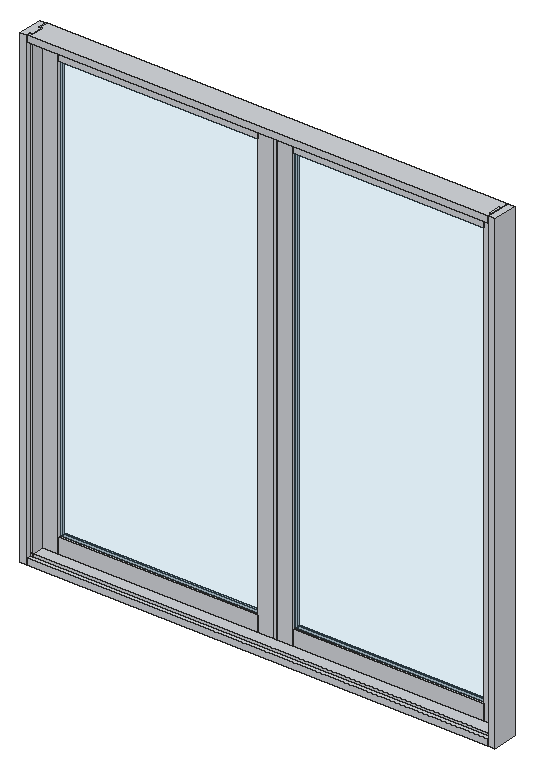
Revit family "Air-Flo® Plus 125mm Framing_SG&DG-Double Hinged Door", category Doors, host Wall, Revit 2021
Family settings
  Host = Wall
  OmniClass Number = 23.30.20.00
  OmniClass Title = Windows
  Always vertical = Yes
  Cut with Voids When Loaded = No
  Shared = No
  Room Calculation Point = No
Parameters (values of type "7L/7R")
  YEAR = "2022"  # constant formula
  Width = 0.0000 mm  # constant formula
  URL = "https://www.alspec.com.au/air-flo-plus-125mm-framing"
  Thickness = 0.0000 mm  # constant formula
  Single Glazed Thickness (6-13.5mm) [instance] = 5.0000 mm
  Single Glazed [instance] = not(Double Glazed)  # no
  Sill Offset 2 [instance] = 15.9930 mm  # constant formula
  Sill Offset [instance] = 6.0000 mm  # constant formula
  Sash Material [instance] = none
  Rough Width = 0.0000 mm  # constant formula
  Rough Height = 0.0000 mm  # constant formula
  Overall Width [instance] = 2400.0000 mm
  Offset [instance] = 999.0000 mm
  Midrail height [instance] = 810.0000 mm
  Midrail [instance] = no
  Meeting 1 = 45.0000 mm  # constant formula
  Overall Height [instance] = 2400.0000 mm
  Model = "Air-Flo® Plus 125mm Framing_SG&DG-Double Hinged Door"  # constant formula
  Manufacturer = "ALSPEC"
  Height = 0.0000 mm  # constant formula
  Head Offset 2 [instance] = 84.8025 mm  # constant formula
  Head Offset [instance] = 75.0000 mm  # constant formula
  Glazed Material [instance] = Glass
  Frame Material [instance] = none
  External Frame Thk = 35.0000 mm  # constant formula
  Double Glazed Thickness [instance] = 18.0000 mm
  Double Glazed [instance] = yes
  Define Thermal Properties by = Schematic Type
  Default Sill Height = 0.0000 mm  # constant formula
  Wall Closure = By host
  CREATOR = "Viraj Mhatre"  # constant formula
  COMPANY = "ALSPEC"  # constant formula
  Analytic Construction = "<None>"
  Air Pocket (Double Glazing Only) [instance] = 8.0000 mm  # constant formula
Reference planes
  plane 1 "Center (Front/Back)": y = 0
  plane 2 "Center (Left/Right)": x = 0
  plane 3 "Left": x = -1165
  plane 4 "Right": x = 1165
  plane 5 "Sill": z = 0
  plane 6 "Head": z = 2400
  plane 7 "Exterior": y = 102.6
  plane 8 "Interior": y = -97.4
  plane 9: z = 35.999
  plane 10: y = 14
  plane 11 "FRAME CENTRE": y = 42
  plane 12: y = -916.4
  plane 13: x = -1165
  plane 14: x = 1165
  plane 15: x = 1165
  plane 16: x = 20.5
  plane 17: x = -1200
  plane 18: x = 1200
  plane 19: z = 2364.001
  plane 20: z = 2355.034
  plane 21: z = 44.966
  plane 22: z = 516.113
  plane 23: x = -2
  plane 24: x = 43
  plane 25: z = 810
  plane 26: x = -583.5
  plane 27: x = 604
  plane 28: y = -851.4
  plane 29: z = 1210
  plane 30: y = -1037.4
  plane 31: x = -1175
  plane 32: x = 1175
  plane 33: y = -896.4
  plane 34: z = 1204.483
Forms (mm)
  Extrusion 1, solid, material <- "Frame Material"
    sketch origin (0, 0, 0) x (1, 0, 0) y (0, 1, 0)
      loop
        line (-1200, -1021.4) -> (-1168, -1021.4) -> (-1168, -999.414) -> (-1155.034, -999.414) -> (-1155.034, -940.414) -> (-1168, -940.414) -> (-1168, -896.4) -> (-1200, -896.4) -> (-1200, -1021.4)
      loop
        line (1200, -1021.4) -> (1200, -896.4) -> (1168, -896.4) -> (1168, -940.414) -> (1155.034, -940.414) -> (1155.034, -999.414) -> (1168, -999.414) -> (1168, -1021.4) -> (1200, -1021.4)
    from 0 to 2400
  Extrusion 2, solid, material <- "Frame Material"
    sketch origin (-1165, 0, 0) x (0, -1, 0) y (0, 0, 1)
      loop
        line (896.4, 0) -> (1021.4, 0) -> (1021.4, 32) -> (999.414, 32) -> (999.414, 44.966) -> (940.414, 44.966) -> (940.414, 32) -> (896.4, 32) -> (896.4, 0)
      loop
        line (896.4, 2400) -> (896.4, 2368) -> (940.414, 2368) -> (940.414, 2355.034) -> (999.414, 2355.034) -> (999.414, 2368) -> (1021.4, 2368) -> (1021.4, 2400) -> (896.4, 2400)
    from -2330.001 to 0
Lines and regions (mm)
  Opening 1
    outline origin (3600, -97.4, 75) x (1, 0, 0) y (0, 0, 1)
      loop
        line (-2400, -75) -> (-2400, 2325) -> (-4800, 2325) -> (-4800, -75) -> (-2400, -75)
  Masking region 1
    outline origin (0, 0, 0) x (1, 0, 0) y (0, 1, 0)
      loop
        line (-1200, -1021.4) -> (-1168, -1021.4) -> (-1168, -999.414) -> (-1155.034, -999.414) -> (-1155.034, -940.414) -> (-1168, -940.414) -> (-1168, -896.4) -> (-1200, -896.4) -> (-1200, -1021.4)
      loop
        line (1200, -1021.4) -> (1200, -896.4) -> (1168, -896.4) -> (1168, -940.414) -> (1155.034, -940.414) -> (1155.034, -999.414) -> (1168, -999.414) -> (1168, -1021.4) -> (1200, -1021.4)
  Masking region 2
    outline origin (-1165, 0, 0) x (0, -1, 0) y (0, 0, 1)
      loop
        line (1021.4, 0) -> (1021.4, 32) -> (999.414, 32) -> (999.414, 44.966) -> (940.414, 44.966) -> (940.414, 32) -> (896.4, 32) -> (896.4, 0) -> (1021.4, 0)
      loop
        line (896.4, 2400) -> (896.4, 2368) -> (940.414, 2368) -> (940.414, 2355.034) -> (999.414, 2355.034) -> (999.414, 2368) -> (1021.4, 2368) -> (1021.4, 2400) -> (896.4, 2400)
  symbolic lines, style "DoorsHiddenLines"
    curve 1: line (-1165, -896.4, 0) -> (20.5, -896.4, 0)
    curve 2: arc (20.5, -896.4, 0) -> (-326.725, -58.125, 0) -> (-1165, 289.1, 0) r 1185.5
    curve 3: line (-1165, 289.1, 0) -> (-1165, -896.4, 0)
    curve 4: line (1165.001, -896.4, 0) -> (20.5, -896.4, 0)
    curve 5: line (-1165, -97.4, 2364.001) -> (-2, -97.4, 1204.483)
    curve 6: line (-1165, -97.4, 44.966) -> (-2, -97.4, 1204.483)
    curve 7: line (43, -97.4, 1204.483) -> (1165, -97.4, 2364.001)
    curve 8: line (43, -97.4, 1204.483) -> (1165, -97.4, 44.966)
    curve 9: arc (20.5, -896.4, 0) -> (353.353, -72.748, 0) -> (1165, 288.391, 0) r 1185.5
    curve 10: line (1165, 288.391, 0) -> (1165.001, -896.4, 0)
Text (mm)
  text "EXTERIOR" at (-1886.484, -724.686, 0), in view "Ref. Level"
  text "INTERIOR" at (-1963.203, 1176.318, 0), in view "Ref. Level"
  text "Exterior" at (0, 923.751, 2943.296), in view "Right"
  text "Exterior" at (0, 1040.484, 2685.409), in view "Left"
Dimensions and locks
  "Overall Height": plane 5 "Sill" to plane 6 "Head"
  "Default Sill Height": plane 5 "Sill" to level
  locked: plane 7 "Exterior" to host wall
  locked: plane 8 "Interior" to host wall
  "Offset": plane 33 to plane 7 "Exterior"
  "External Frame Thk": plane 4 "Right" to plane 18
  "Overall Width": plane 17 to plane 18
  equal spacing: plane 23, plane 16, plane 24
  "Meeting 1": plane 23 to plane 24
  "Midrail height": plane 25 to level
  locked: plane 29 to plane 25 at 400
  equal spacing: plane 23, plane 26, plane 13
  equal spacing: plane 15, plane 27, plane 24
  plane 17 to plane 16 to plane 18 = 1220.4996 mm, 1179.5004 mm
  equal spacing: plane 13, plane 2 "Center (Left/Right)", plane 15
  locked: plane 31 to plane 13 at 10
  locked: plane 15 to plane 32 at 10
  locked: plane 19 to plane 6 "Head" at 35.999
  locked: plane 19 to plane 20 at 8.967
  locked: plane 9 to level at 35.999
  locked: plane 21 to plane 9 at 8.967
  locked: plane 12 to plane 33 at 20
  locked: plane 17 to plane 31 at 24.999
  locked: plane 33 to plane 28 at 45
  equal spacing: plane 19, plane 34, plane 21
  aligned and locked: Opening 1 sketch curve to plane 6 "Head"
  aligned and locked: plane 13 to plane 3 "Left"
  aligned and locked: plane 14 to plane 4 "Right"
  aligned and locked: plane 17 to Opening 1 sketch curve
  aligned and locked: plane 18 to Opening 1 sketch curve
  aligned and locked: Opening 1 sketch curve to plane 5 "Sill"
  aligned and locked: host wall to level
  aligned and locked: plane 15 to plane 4 "Right"
  aligned and locked: Extrusion 1 to plane 6 "Head"
  aligned and locked: Extrusion 1 to level
  aligned and locked: plane 3 "Left" to Extrusion 2
  aligned and locked: Extrusion 2 to plane 4 "Right"
  aligned and locked: plane 13 to nested 1
  aligned and locked: nested 2 to plane 12
  aligned and locked: plane 17 to nested 2
  aligned and locked: plane 18 to nested 3
  aligned and locked: plane 12 to nested 3
  aligned and locked: Extrusion 1 sketch curve to nested 2  (x8)
  aligned and locked: Extrusion 1 sketch curve to nested 3  (x8)
  aligned and locked: Masking region 1 sketch curve to nested 2  (x8)
  aligned and locked: Masking region 1 sketch curve to nested 3  (x8)
  aligned and locked: plane 16 to nested 1
  aligned and locked: nested 4 to plane 16
  aligned and locked: nested 4 to plane 15
  aligned and locked: nested 1 to plane 12
  aligned and locked: plane 12 to nested 4
  aligned and locked: level to nested 5
  aligned and locked: plane 12 to nested 5
  aligned and locked: Masking region 2 sketch curve to nested 5  (x8)
  aligned and locked: Extrusion 2 sketch curve to nested 5  (x8)
  aligned and locked: nested 6 to plane 6 "Head"
  aligned and locked: nested 6 to plane 12
  aligned and locked: Masking region 2 sketch curve to nested 6  (x8)
  aligned and locked: Extrusion 2 sketch curve to nested 6  (x8)
  aligned and locked: plane 19 to nested 4
  aligned and locked: plane 19 to nested 1
  aligned and locked: plane 9 to nested 1
  aligned and locked: plane 9 to nested 4
  aligned and locked: plane 13 to nested 7
  aligned and locked: plane 16 to nested 7
  aligned and locked: nested 8 to plane 16
  aligned and locked: nested 8 to plane 15
  aligned and locked: plane 9 to nested 7
  aligned and locked: plane 9 to nested 8
  aligned and locked: plane 19 to nested 8
  aligned and locked: plane 19 to nested 7
  aligned and locked: nested 7 to plane 12
  aligned and locked: plane 12 to nested 8
  aligned and locked: plane 13 to curve 1
  aligned and locked: plane 33 to curve 1
  aligned and locked: curve 3 to plane 13
  aligned and locked: nested 3 to curve 4
  aligned and locked: curve 4 to Extrusion 2
  aligned and locked: plane 21 to curve 6
  aligned and locked: plane 34 to curve 5
  aligned and locked: plane 19 to curve 5
  aligned and locked: plane 15 to curve 7
  aligned and locked: plane 34 to curve 7
  aligned and locked: plane 24 to curve 8
  aligned and locked: plane 15 to curve 8
  aligned and locked: curve 10 to plane 15
Automatic sketch dimensions
  plane 3 "Left" to curve 6 = 0.0000 mm
  plane 3 "Left" to curve 5 = 0.0000 mm
  curve 6 to plane 23 = 0.0000 mm
  curve 8 to plane 21 = 0.0000 mm
  curve 7 to plane 19 = 0.0000 mm
  curve 1 to plane 16 = 0.0000 mm
  plane 18 to curve 9 = 6.0000 mm
Nested families
  nested 1: "DH_ DG_AFD14 AFD21" at (-572.25, -916.4, 35.999), Double Glazed <- "Double Glazed", Glazing Material <- "Glazed Material", Midrail <- "Midrail", Sash Material <- "Sash Material", visible <- "Double Glazed", Midrail Height <- "Midrail height", Double Glazing Thickness <- "Double Glazed Thickness", type "DH_ DG_AFD14 AFD21"
    with Thickness Control 18.0000 mm, Sill Off 108.0000 mm, Sill 120.0000 mm, Sash Width 1185.5004 mm, Sash Material none, Midrail Height 810.0000 mm, Midrail no, Height 2328.0018 mm, Head Off 68.0000 mm, Head 80.0000 mm, Glazing Material Glass, Double Glazing Thickness 18.0000 mm, Double Glazed yes, Air Pocket 8.0000 mm
  nested 2: "Ext FrameAF16 AF212" at (-1168, -916.4, 0), type "Ext FrameAF16 AF212", detail levels fine
  nested 3: "Ext FrameAF16 AF212" at (1168, -916.4, 0) x (-1, 0, 0) z (0, 0, 1), type "Ext FrameAF16 AF212", detail levels fine
  nested 4: "DH_ DG_AFD14 AFD21" at (592.75, -916.4, 35.999) x (-1, 0, 0) z (0, 0, 1), Double Glazed <- "Double Glazed", Glazing Material <- "Glazed Material", Midrail <- "Midrail", Sash Material <- "Sash Material", visible <- "Double Glazed", Midrail Height <- "Midrail height", Double Glazing Thickness <- "Double Glazed Thickness", type "DH_ DG_AFD14 AFD21"
    with Thickness Control 18.0000 mm, Sill Off 108.0000 mm, Sill 120.0000 mm, Sash Width 1144.5004 mm, Sash Material none, Midrail Height 810.0000 mm, Midrail no, Height 2328.0018 mm, Head Off 68.0000 mm, Head 80.0000 mm, Glazing Material Glass, Double Glazing Thickness 18.0000 mm, Double Glazed yes, Air Pocket 8.0000 mm
  nested 5: "Ext Head AF16 AF212" at (-1165, -916.4, 0) x (0, 1, 0) z (-1, 0, 0), type "Ext Head AF16 AF212", detail levels fine
  nested 6: "Ext Head AF16 AF212" at (-1165, -916.4, 2400) x (0, 1, 0) z (-1, 0, 0), type "Ext Head AF16 AF212", detail levels fine
  nested 7: "DH_ SG_AFD24 AFD16" at (-572.25, -916.4, 35.999), visible <- "Single Glazed", Midrail Height <- "Midrail height", Single Glazing Thickness <- "Single Glazed Thickness (6-13.5mm)", Single Glazed <- "Single Glazed", Glazing Material <- "Glazed Material", Midrail <- "Midrail", Sash Material <- "Sash Material", type "DH_ SG_AFD24 AFD16"
    with Thickness Control 6.0000 mm, Single Glazing Thickness 5.0000 mm, Single Glazed no, Sill Off 108.0000 mm, Sill 120.0000 mm, Sash Width 1185.5004 mm, Sash Material none, Midrail Height 810.0000 mm, Midrail no, Height 2328.0018 mm, Head Off 68.0000 mm, Head 80.0000 mm, Glazing Material Glass
  nested 8: "DH_ SG_AFD24 AFD16" at (592.75, -916.4, 35.999) x (-1, 0, 0) z (0, 0, 1), visible <- "Single Glazed", Midrail Height <- "Midrail height", Single Glazing Thickness <- "Single Glazed Thickness (6-13.5mm)", Single Glazed <- "Single Glazed", Glazing Material <- "Glazed Material", Midrail <- "Midrail", Sash Material <- "Sash Material", type "DH_ SG_AFD24 AFD16"
    with Thickness Control 6.0000 mm, Single Glazing Thickness 5.0000 mm, Single Glazed no, Sill Off 108.0000 mm, Sill 120.0000 mm, Sash Width 1144.5004 mm, Sash Material none, Midrail Height 810.0000 mm, Midrail no, Height 2328.0018 mm, Head Off 68.0000 mm, Head 80.0000 mm, Glazing Material Glass
Definition of nested family "DH_ DG_AFD14 AFD21"
  Parameters (values of type "DH_ DG_AFD14 AFD21")
    YEAR = "2022"  # constant formula
    Width = 0.0000 mm  # constant formula
    Thickness Control [instance] = if(Double Glazing Thickness > 28.0000 mm, 28.0000 mm, if(Double Glazing Thickness < 18.0000 mm, 18.0000 mm, Double Glazing Thickness))  # 18.0000 mm
    Thickness = 0.0000 mm  # constant formula
    TODAYS DATE = "12/05/2022"  # constant formula
    Sill Off [instance] = 108.0000 mm  # constant formula
    Sill [instance] = 120.0000 mm  # constant formula
    Sash Width [instance] = 900.0000 mm
    Sash Material [instance] = none
    Rough Width = 0.0000 mm  # constant formula
    Rough Height = 0.0000 mm  # constant formula
    Off DG Head and Sill = 12.0000 mm  # constant formula
    Midrail Height [instance] = 612.8190 mm
    Midrail [instance] = yes
    Height [instance] = 1800.0000 mm
    Head Off [instance] = 68.0000 mm  # constant formula
    Head & Sill DG Depth = 93.0000 mm  # constant formula
    Head [instance] = 80.0000 mm  # constant formula
    Glazing Material [instance] = none
    Double Glazing Thickness [instance] = 18.0000 mm
    Double Glazed [instance] = no
    Define Thermal Properties by = 1
    Default Elevation = 1219.2000 mm
    DG Off = 11.0000 mm  # constant formula
    DG Jamb Width = 75.0000 mm  # constant formula
    CREATOR = "Viraj Mhatre"  # constant formula
    COMPANY = "ALSPEC"  # constant formula
    Analytic Construction = "<None>"
    Air Pocket [instance] = 8.0000 mm  # constant formula
  Reference planes
    plane 1 "Center (Front/Back)": y = 0
    plane 2: z = 0
    plane 3 "Center (Left/Right)": x = 0
    plane 4: x = -450
    plane 5: x = 361
    plane 6: x = -374.001
    plane 7: x = 373
    plane 8: z = 1800
    plane 9: z = 1715
    plane 10: z = 85
    plane 11: z = 900
    plane 12: x = -362.001
    plane 13: x = 450
    plane 14: z = 73
    plane 15: z = 1727
    plane 16: y = 9
    plane 17: y = 4
    plane 18: y = -4
    plane 19: y = -9
    plane 20: z = 612.819
  Forms (mm)
    Extrusion 1, solid, material <- "Glazing Material"
      sketch origin (0, 0, 0) x (1, 0, 0) y (0, 1, 0)
        loop
          line (-374.001, 9) -> (-374.001, 4) -> (373, 4) -> (373, 9) -> (-374.001, 9)
        loop
          line (-374.001, -4) -> (-374.001, -9) -> (373, -9) -> (373, -4) -> (-374.001, -4)
      from 73 to 1727
    Extrusion 2, solid, material <- "Sash Material", visible <- "Midrail"
      sketch origin (0, 0, 0) x (0, 1, 0) y (0, 0, 1)
        loop
          line (9.5, 638.752) -> (9.5, 631.751) -> (-9.182, 631.751) -> (-9.182, 638.752) -> (-22.4, 638.752) -> (-22.4, 586.751) -> (-9.5, 586.751) -> (-9.5, 593.751) -> (9.694, 593.751) -> (9.694, 586.886) -> (22.4, 586.886) -> (22.4, 638.752) -> (9.5, 638.752)
      from -362.001 to 361
    Extrusion 3, solid, material <- "Sash Material"
      sketch origin (0, 0, 0) x (1, 0, 0) y (0, 1, 0)
        loop
          line (-447.001, -20) -> (-362.001, -20) -> (-362.001, -9.616) -> (-374.001, -9.616) -> (-374.001, 9.616) -> (-362.001, 9.616) -> (-362.001, 20) -> (-447.001, 20) -> (-447.001, -20)
        loop
          line (361, -20) -> (445, -20) -> (461.6, -20) -> (461.6, -15.7) -> (445, -15.7) -> (445, 12) -> (434.4, 12) -> (434.4, 20) -> (361, 20) -> (361, 10.297) -> (373, 10.297) -> (373, -10.297) -> (361, -10.297) -> (361, -20)
      from 0 to 1800
    Extrusion 4, solid, material <- "Sash Material"
      sketch origin (0, 0, 0) x (0, 1, 0) y (0, 0, 1)
        loop
          line (-10.702, 1727) -> (10.702, 1727) -> (10.702, 1715) -> (20, 1715) -> (20, 1800) -> (-20, 1800) -> (-20, 1714.978) -> (-10.702, 1714.978) -> (-10.702, 1727)
        loop
          line (-20, 0) -> (20, 0) -> (20, 85) -> (10.702, 85) -> (10.702, 73) -> (-10.702, 73) -> (-10.702, 85.022) -> (-20, 85.022) -> (-20, 0)
      from -362.001 to 361
  Lines and regions (mm)
    Masking region 1
      outline origin (0, 0, 0) x (0, 1, 0) y (0, 0, 1)
        loop
          line (-22.4, 638.752) -> (-22.4, 586.751) -> (-9.5, 586.751) -> (-9.5, 593.751) -> (9.5, 593.751) -> (9.5, 586.751) -> (22.4, 586.751) -> (22.4, 638.752) -> (9.5, 638.752) -> (9.5, 631.751) -> (-9.5, 631.751) -> (-9.5, 638.752) -> (-22.4, 638.752)
    Masking region 2
      outline origin (0, 0, 0) x (1, 0, 0) y (0, 1, 0)
        loop
          line (-447.001, -20) -> (-362.001, -20) -> (-362.001, -9.616) -> (-374.001, -9.616) -> (-374.001, 9.616) -> (-362.001, 9.616) -> (-362.001, 20) -> (-447.001, 20) -> (-447.001, -20)
        loop
          line (434.4, 20) -> (361, 20) -> (361, 10.297) -> (373, 10.297) -> (373, -10.297) -> (361, -10.297) -> (361, -20) -> (445, -20) -> (461.6, -20) -> (461.6, -15.7) -> (445, -15.7) -> (445, 12) -> (434.4, 12) -> (434.4, 20)
    Masking region 3
      outline origin (0, 0, 0) x (0, 1, 0) y (0, 0, 1)
        loop
          line (20, 1715) -> (20, 1800) -> (-20, 1800) -> (-20, 1714.978) -> (-10.702, 1714.978) -> (-10.702, 1727) -> (10.702, 1727) -> (10.702, 1715) -> (20, 1715)
        loop
          line (20, 0) -> (20, 85) -> (10.702, 85) -> (10.702, 73) -> (-10.702, 73) -> (-10.702, 85.022) -> (-20, 85.022) -> (-20, 0) -> (20, 0)
  Dimensions and locks
    equal spacing: plane 16, plane 1 "Center (Front/Back)", plane 19
    "Thickness Control": plane 16 to plane 19
    equal spacing: plane 17, plane 1 "Center (Front/Back)", plane 18
    "Air Pocket": plane 17 to plane 18
    "Midrail Height": plane 20 to level
    locked: plane 6 to plane 12 at 12
    locked: plane 5 to plane 7 at 12
    equal spacing: plane 4, plane 3 "Center (Left/Right)", plane 13
    "Sash Width": plane 4 to plane 13
    "Height": plane 8 to plane 2
    locked: plane 4 to plane 6 at 75.999
    locked: plane 7 to plane 13 at 77
    locked: plane 14 to level at 73
    locked: plane 10 to plane 14 at 12
    plane 8 to plane 15 to plane 9 = 73.0000 mm locked, 12.0000 mm locked
    aligned and locked: level to plane 2
    aligned and locked: Extrusion 1 sketch curve to plane 16
    aligned and locked: Extrusion 1 sketch curve to plane 17
    aligned and locked: Extrusion 1 sketch curve to plane 18
    aligned and locked: Extrusion 1 sketch curve to plane 19
    aligned and locked: Extrusion 1 sketch curve to Extrusion 1 sketch curve  (x2)
    aligned and locked: Extrusion 1 to plane 6
    aligned and locked: plane 7 to Extrusion 1
    aligned and locked: Extrusion 1 to plane 14
    aligned and locked: plane 15 to Extrusion 1
    aligned and locked: plane 20 to nested 1
    aligned and locked: plane 1 "Center (Front/Back)" to nested 1
    aligned and locked: Masking region 1 sketch curve to nested 1  (x6)
    aligned and locked: nested 1 to Masking region 1 sketch curve  (x2)
    aligned and locked: Extrusion 2 sketch curve to nested 1  (x12)
    aligned and locked: Extrusion 2 to plane 12
    aligned and locked: plane 5 to Extrusion 2
    aligned and locked: Extrusion 3 to level
    aligned and locked: plane 8 to Extrusion 3
    aligned and locked: Extrusion 4 to plane 12
    aligned and locked: plane 5 to Extrusion 4
    aligned and locked: plane 1 "Center (Front/Back)" to nested 3
    aligned and locked: plane 12 to nested 3
    aligned and locked: Masking region 2 sketch curve to nested 3  (x8)
    aligned and locked: Extrusion 3 sketch curve to nested 3  (x8)
    aligned and locked: plane 5 to nested 2
    aligned and locked: plane 1 "Center (Front/Back)" to nested 2
    aligned and locked: Masking region 2 sketch curve to nested 2  (x13)
    aligned and locked: Extrusion 3 sketch curve to nested 2  (x13)
    aligned and locked: plane 8 to nested 4
    aligned and locked: nested 4 to plane 1 "Center (Front/Back)"
    aligned and locked: Masking region 3 sketch curve to nested 4  (x8)
    aligned and locked: Extrusion 4 sketch curve to Masking region 3  (x8)
    aligned and locked: level to nested 5
    aligned and locked: plane 1 "Center (Front/Back)" to nested 5
    aligned and locked: Masking region 3 sketch curve to nested 5  (x8)
    aligned and locked: Extrusion 4 sketch curve to nested 5  (x8)
  Automatic sketch dimensions
    Extrusion 1 sketch curve to plane 12 = 12.0000 mm
    Extrusion 1 sketch curve to Extrusion 1 sketch curve = 747.0008 mm
    Masking region 1 sketch curve to plane 19 = 0.5000 mm  (x2)
    plane 17 to Masking region 1 sketch curve = 5.5000 mm
    plane 16 to Masking region 1 sketch curve = 0.5000 mm
    Masking region 2 sketch curve to plane 12 = 0.0000 mm  (x2)
    Masking region 2 sketch curve to plane 6 = 0.0001 mm
    plane 4 to Masking region 2 sketch curve = 2.9992 mm
    Masking region 2 sketch curve to plane 19 = 11.0000 mm  (x2)
    Masking region 2 sketch curve to plane 19 = 0.6160 mm
    plane 16 to Masking region 2 sketch curve = 0.6160 mm
    plane 16 to Masking region 2 sketch curve = 11.0000 mm
    Extrusion 3 sketch curve to plane 12 = 0.0000 mm  (x2)
    Extrusion 3 sketch curve to plane 6 = 0.0001 mm
    plane 4 to Extrusion 3 sketch curve = 2.9992 mm
    Extrusion 3 sketch curve to plane 19 = 11.0000 mm  (x2)
    Extrusion 3 sketch curve to plane 19 = 0.6160 mm
    plane 16 to Extrusion 3 sketch curve = 0.6160 mm
    plane 16 to Extrusion 3 sketch curve = 11.0000 mm
    Masking region 2 sketch curve to plane 5 = 0.0000 mm  (x2)
    Masking region 2 sketch curve to plane 7 = 0.0000 mm
    Masking region 2 sketch curve to plane 13 = 15.6000 mm
    plane 16 to Masking region 2 sketch curve = 3.0000 mm
    Masking region 2 sketch curve to plane 13 = 5.0000 mm
    Masking region 2 sketch curve to Masking region 2 sketch curve = 0.0000 mm
    plane 13 to Masking region 2 sketch curve = 11.6000 mm
    Masking region 2 sketch curve to Masking region 2 sketch curve = 4.3000 mm
    Masking region 2 sketch curve to plane 19 = 1.2969 mm
    plane 16 to Masking region 2 sketch curve = 1.2969 mm
    Masking region 2 sketch curve to Masking region 2 sketch curve = 8.0000 mm
    Extrusion 3 sketch curve to plane 5 = 0.0000 mm  (x2)
    Extrusion 3 sketch curve to plane 7 = 0.0000 mm
    plane 16 to Extrusion 3 sketch curve = 3.0000 mm
    Extrusion 3 sketch curve to plane 13 = 15.6000 mm
    Extrusion 3 sketch curve to plane 13 = 5.0000 mm  (x2)
    plane 13 to Extrusion 3 sketch curve = 11.6000 mm
    Extrusion 3 sketch curve to Extrusion 3 sketch curve = 4.3000 mm
    Extrusion 3 sketch curve to plane 19 = 1.2969 mm
    plane 16 to Extrusion 3 sketch curve = 1.2969 mm
    Extrusion 3 sketch curve to Extrusion 3 sketch curve = 9.7031 mm
    Masking region 3 sketch curve to plane 8 = 0.0000 mm
    Masking region 3 sketch curve to plane 15 = 0.0000 mm
    Masking region 3 sketch curve to plane 9 = 0.0000 mm
    Masking region 3 sketch curve to plane 9 = 0.0218 mm
    Masking region 3 sketch curve to plane 19 = 11.0000 mm  (x2)
    Masking region 3 sketch curve to plane 19 = 1.7016 mm  (x2)
    plane 16 to Masking region 3 sketch curve = 1.7016 mm  (x2)
    Masking region 3 sketch curve to Masking region 3 sketch curve = 9.2984 mm  (x2)
    Masking region 3 sketch curve to level = 0.0000 mm
    Masking region 3 sketch curve to plane 10 = 0.0000 mm
    Masking region 3 sketch curve to plane 14 = 0.0000 mm
    plane 10 to Masking region 3 sketch curve = 0.0218 mm
    Extrusion 4 sketch curve to level = 0.0000 mm
    Extrusion 4 sketch curve to plane 14 = 0.0000 mm
    Extrusion 4 sketch curve to plane 10 = 0.0000 mm
    Extrusion 4 sketch curve to plane 19 = 11.0000 mm
    Extrusion 4 sketch curve to plane 19 = 1.7016 mm
    plane 16 to Extrusion 4 sketch curve = 1.7016 mm
    plane 16 to Extrusion 4 sketch curve = 11.0000 mm
    plane 10 to Extrusion 4 sketch curve = 0.0218 mm
  Nested families
    nested 1: "DG Midrail_SE12 SE16" at (0, 0, 612.819) x (0, -1, 0) z (1, 0, 0), type "DG Midrail_SE12 SE16", detail levels fine
    nested 2: "Jamb AFD21" at (450, 0, 0), type "Jamb AFD21", detail levels fine
    nested 3: "Jamb AFD14" at (-362.001, 0, 0), type "Jamb AFD14", detail levels fine
    nested 4: "Head Sill AFD19 AFD20" at (0, 0, 1800) x (0, -1, 0) z (1, 0, 0), type "Head Sill AFD19 AFD20", detail levels fine
    nested 5: "Head Sill AFD19 AFD20" at (0, 0, 0) x (0, -1, 0) z (1, 0, 0), type "Head Sill AFD19 AFD20", detail levels fine
  Definition of nested family "DG Midrail_SE12 SE16"
    Reference planes
      plane 1 "Center (Front/Back)": y = 0
      plane 2: z = 0
      plane 3 "Center (Left/Right)": x = 0
      plane 4: y = 26.068
      plane 5: y = -25.933
      plane 6: x = 22.4
      plane 7: x = -22.4
    Dimensions and locks
      aligned and locked: plane 3 "Center (Left/Right)" to import instance
      aligned and locked: plane 1 "Center (Front/Back)" to import instance
      aligned and locked: plane 7 to import instance
      aligned and locked: plane 6 to import instance
      aligned and locked: plane 5 to import instance
      aligned and locked: plane 4 to import instance
  Definition of nested family "Jamb AFD21"
    Reference planes
      plane 1 "Center (Front/Back)": y = 0
      plane 2: z = 0
      plane 3 "Center (Left/Right)": x = 0
      plane 4: x = -89
      plane 5: x = -77
      plane 6: x = -5
    Dimensions and locks
      aligned and locked: import instance to plane 1 "Center (Front/Back)"
      aligned and locked: import instance to plane 3 "Center (Left/Right)"
      aligned and locked: plane 6 to import instance
      aligned and locked: plane 5 to import instance
      aligned and locked: plane 4 to import instance
  Definition of nested family "Jamb AFD14"
    Reference planes
      plane 1 "Center (Front/Back)": y = 0
      plane 2: z = 0
      plane 3 "Center (Left/Right)": x = 0
      plane 4: x = -12
      plane 5: x = -87.999
      plane 6: x = -85
    Dimensions and locks
      aligned and locked: import instance to plane 3 "Center (Left/Right)"
      aligned and locked: import instance to plane 1 "Center (Front/Back)"
      aligned and locked: plane 4 to import instance
      aligned and locked: plane 6 to import instance
      aligned and locked: plane 5 to import instance
  Definition of nested family "Head Sill AFD19 AFD20"
    Reference planes
      plane 1 "Center (Front/Back)": y = 0
      plane 2: z = 0
      plane 3 "Center (Left/Right)": x = 0
      plane 4: y = -73
      plane 5: y = -85
    Dimensions and locks
      aligned and locked: import instance to plane 1 "Center (Front/Back)"
      aligned and locked: import instance to plane 3 "Center (Left/Right)"
      aligned and locked: plane 5 to import instance
      aligned and locked: plane 4 to import instance
Definition of nested family "DH_ SG_AFD24 AFD16"
  Parameters (values of type "DH_ SG_AFD24 AFD16")
    YEAR = "2022"  # constant formula
    Width = 0.0000 mm  # constant formula
    Thickness Control [instance] = if(Single Glazing Thickness > 13.5000 mm, 13.5000 mm, if(Single Glazing Thickness < 6.0000 mm, 6.0000 mm, Single Glazing Thickness))  # 13.5000 mm
    Thickness = 0.0000 mm  # constant formula
    TODAYS DATE = "12/05/2022"  # constant formula
    Sill Off [instance] = 108.0000 mm  # constant formula
    Sill [instance] = 120.0000 mm  # constant formula
    Sash Width [instance] = 900.0000 mm
    Sash Material [instance] = none
    Rough Width = 0.0000 mm  # constant formula
    Rough Height = 0.0000 mm  # constant formula
    Off DG Head and Sill = 12.0000 mm  # constant formula
    Midrail Height [instance] = 612.8190 mm
    Midrail [instance] = yes
    Height [instance] = 1800.0000 mm
    Head Off [instance] = 68.0000 mm  # constant formula
    Head & Sill DG Depth = 93.0000 mm  # constant formula
    Head [instance] = 80.0000 mm  # constant formula
    Glazing Material [instance] = none
    Single Glazing Thickness [instance] = 18.0000 mm
    Single Glazed [instance] = no
    Define Thermal Properties by = 1
    Default Elevation = 1219.2000 mm
    DG Off = 11.0000 mm  # constant formula
    DG Jamb Width = 75.0000 mm  # constant formula
    CREATOR = "Viraj Mhatre"  # constant formula
    COMPANY = "ALSPEC"  # constant formula
    Analytic Construction = "<None>"
  Reference planes
    plane 1 "Center (Front/Back)": y = 0
    plane 2: z = 0
    plane 3 "Center (Left/Right)": x = 0
    plane 4: x = -450
    plane 5: x = 361
    plane 6: x = -374.001
    plane 7: x = 373
    plane 8: z = 1800
    plane 9: z = 1715
    plane 10: z = 85
    plane 11: z = 900
    plane 12: x = -362.001
    plane 13: x = 450
    plane 14: z = 73
    plane 15: z = 1727
    plane 16: z = 612.819
    plane 17: y = 6.75
    plane 18: y = -6.75
  Forms (mm)
    Extrusion 1, solid, material <- "Sash Material", visible <- "Midrail"
      sketch origin (0, 0, 0) x (0, 1, 0) y (0, 0, 1)
        loop
          line (9.5, 638.752) -> (9.5, 631.751) -> (-9.182, 631.751) -> (-9.182, 638.752) -> (-22.4, 638.752) -> (-22.4, 586.751) -> (-9.5, 586.751) -> (-9.5, 593.751) -> (9.694, 593.751) -> (9.694, 586.886) -> (22.4, 586.886) -> (22.4, 638.752) -> (9.5, 638.752)
      from -362.001 to 361
    Extrusion 2, solid, material <- "Sash Material"
      sketch origin (0, 0, 0) x (1, 0, 0) y (0, 1, 0)
        loop
          line (-447.001, -20) -> (-362.001, -20) -> (-362.001, -5.711) -> (-374.001, -5.711) -> (-374.001, 5.711) -> (-362.001, 5.711) -> (-362.001, 20) -> (-447.001, 20) -> (-447.001, -20)
        loop
          line (361, -20) -> (445, -20) -> (461.6, -20) -> (461.6, -15.7) -> (445, -15.7) -> (445, 12) -> (434.4, 12) -> (434.4, 20) -> (361, 20) -> (361, 6.964) -> (373, 6.964) -> (373, -6.964) -> (361, -6.964) -> (361, -20)
      from 0 to 1800
    Extrusion 3, solid, material <- "Sash Material"
      sketch origin (0, 0, 0) x (0, 1, 0) y (0, 0, 1)
        loop
          line (-5.62, 1727) -> (5.62, 1727) -> (5.62, 1715) -> (20, 1715) -> (20, 1800) -> (-20, 1800) -> (-20, 1714.978) -> (-5.62, 1714.978) -> (-5.62, 1727)
        loop
          line (-20, 0) -> (20, 0) -> (20, 85) -> (5.62, 85) -> (5.62, 73) -> (-5.62, 73) -> (-5.62, 85.022) -> (-20, 85.022) -> (-20, 0)
      from -362.001 to 361
    Extrusion 4, solid, material <- "Glazing Material"
      sketch origin (0, 0, 0) x (1, 0, 0) y (0, 1, 0)
        loop
          line (-374.001, 6.75) -> (-374.001, -6.75) -> (373, -6.75) -> (373, 6.75) -> (-374.001, 6.75)
      from 73 to 1727
  Lines and regions (mm)
    Masking region 1
      outline origin (0, 0, 0) x (0, 1, 0) y (0, 0, 1)
        loop
          line (-22.4, 638.752) -> (-22.4, 586.751) -> (-9.5, 586.751) -> (-9.5, 593.751) -> (9.5, 593.751) -> (9.5, 586.751) -> (22.4, 586.751) -> (22.4, 638.752) -> (9.5, 638.752) -> (9.5, 631.751) -> (-9.5, 631.751) -> (-9.5, 638.752) -> (-22.4, 638.752)
    Masking region 2
      outline origin (0, 0, 0) x (1, 0, 0) y (0, 1, 0)
        loop
          line (-447.001, -20) -> (-362.001, -20) -> (-362.001, -5.711) -> (-374.001, -5.711) -> (-374.001, 5.711) -> (-362.001, 5.711) -> (-362.001, 20) -> (-447.001, 20) -> (-447.001, -20)
        loop
          line (361, -20) -> (445, -20) -> (461.6, -20) -> (461.6, -15.7) -> (445, -15.7) -> (445, 12) -> (434.4, 12) -> (434.4, 20) -> (361, 20) -> (361, 6.964) -> (373, 6.964) -> (373, -6.964) -> (361, -6.964) -> (361, -20)
    Masking region 3
      outline origin (0, 0, 0) x (0, 1, 0) y (0, 0, 1)
        loop
          line (20, 1715) -> (20, 1800) -> (-20, 1800) -> (-20, 1714.978) -> (-5.62, 1714.978) -> (-5.62, 1727) -> (5.62, 1727) -> (5.62, 1715) -> (20, 1715)
        loop
          line (20, 0) -> (20, 85) -> (5.62, 85) -> (5.62, 73) -> (-5.62, 73) -> (-5.62, 85.022) -> (-20, 85.022) -> (-20, 0) -> (20, 0)
  Dimensions and locks
    "Midrail Height": plane 16 to level
    locked: plane 6 to plane 12 at 12
    locked: plane 5 to plane 7 at 12
    equal spacing: plane 4, plane 3 "Center (Left/Right)", plane 13
    "Sash Width": plane 4 to plane 13
    "Height": plane 8 to plane 2
    locked: plane 4 to plane 6 at 75.999
    locked: plane 7 to plane 13 at 77
    locked: plane 14 to level at 73
    locked: plane 10 to plane 14 at 12
    plane 8 to plane 15 to plane 9 = 73.0000 mm locked, 12.0000 mm locked
    equal spacing: plane 17, plane 1 "Center (Front/Back)", plane 18
    "Thickness Control": plane 17 to plane 18
    aligned and locked: level to plane 2
    aligned and locked: plane 16 to nested 1
    aligned and locked: plane 1 "Center (Front/Back)" to nested 1
    aligned and locked: Masking region 1 sketch curve to nested 1  (x6)
    aligned and locked: nested 1 to Masking region 1 sketch curve  (x2)
    aligned and locked: Extrusion 1 sketch curve to nested 1  (x12)
    aligned and locked: Extrusion 1 to plane 12
    aligned and locked: plane 5 to Extrusion 1
    aligned and locked: Extrusion 2 to level
    aligned and locked: plane 8 to Extrusion 2
    aligned and locked: Extrusion 3 to plane 12
    aligned and locked: plane 5 to Extrusion 3
    aligned and locked: Extrusion 3 sketch curve to Masking region 3  (x8)
    aligned and locked: plane 12 to nested 2
    aligned and locked: plane 1 "Center (Front/Back)" to nested 2
    aligned and locked: Masking region 2 sketch curve to nested 2  (x8)
    aligned and locked: Extrusion 2 sketch curve to nested 2  (x8)
    aligned and locked: plane 5 to nested 3
    aligned and locked: plane 1 "Center (Front/Back)" to nested 3
    aligned and locked: Masking region 2 sketch curve to nested 3  (x13)
    aligned and locked: Extrusion 2 sketch curve to nested 3  (x13)
    aligned and locked: plane 8 to nested 4
    aligned and locked: nested 4 to plane 1 "Center (Front/Back)"
    aligned and locked: level to nested 5
    aligned and locked: plane 17 to Extrusion 4 sketch curve
    aligned and locked: Extrusion 4 sketch curve to plane 18
    aligned and locked: Extrusion 4 to plane 6
    aligned and locked: plane 7 to Extrusion 4
    aligned and locked: Extrusion 4 to plane 14
    aligned and locked: plane 15 to Extrusion 4
  Automatic sketch dimensions
    Masking region 3 sketch curve to plane 8 = 0.0000 mm
    Masking region 3 sketch curve to plane 15 = 0.0000 mm
    Masking region 3 sketch curve to plane 9 = 0.0000 mm
    Masking region 3 sketch curve to plane 9 = 0.0218 mm
    Masking region 3 sketch curve to Masking region 3 sketch curve = 14.3797 mm  (x3)
    Masking region 3 sketch curve to level = 0.0000 mm
    Masking region 3 sketch curve to plane 10 = 0.0000 mm
    Masking region 3 sketch curve to plane 14 = 0.0000 mm
    plane 10 to Masking region 3 sketch curve = 0.0218 mm
    Extrusion 3 sketch curve to level = 0.0000 mm
    Extrusion 3 sketch curve to plane 14 = 0.0000 mm
    Extrusion 3 sketch curve to plane 10 = 0.0000 mm
    plane 10 to Extrusion 3 sketch curve = 0.0218 mm
    Masking region 2 sketch curve to plane 12 = 0.0000 mm  (x2)
    Masking region 2 sketch curve to plane 6 = 0.0001 mm
    plane 4 to Masking region 2 sketch curve = 2.9992 mm
    Extrusion 2 sketch curve to plane 12 = 0.0000 mm  (x2)
    Extrusion 2 sketch curve to plane 6 = 0.0001 mm
    plane 4 to Extrusion 2 sketch curve = 2.9992 mm
    Masking region 2 sketch curve to plane 5 = 0.0000 mm  (x2)
    Masking region 2 sketch curve to plane 7 = 0.0000 mm
    Masking region 2 sketch curve to plane 13 = 15.6000 mm
    Masking region 2 sketch curve to plane 13 = 5.0000 mm  (x2)
    plane 13 to Masking region 2 sketch curve = 11.6000 mm
    Masking region 2 sketch curve to Masking region 2 sketch curve = 4.3000 mm
    Extrusion 2 sketch curve to plane 5 = 0.0000 mm  (x2)
    Extrusion 2 sketch curve to plane 7 = 0.0000 mm
    Extrusion 2 sketch curve to plane 13 = 15.6000 mm
    Extrusion 2 sketch curve to plane 13 = 5.0000 mm  (x2)
    plane 13 to Extrusion 2 sketch curve = 11.6000 mm
    Extrusion 2 sketch curve to Extrusion 2 sketch curve = 4.3000 mm
    Masking region 2 sketch curve to Masking region 2 sketch curve = 13.0360 mm
    Extrusion 2 sketch curve to Extrusion 2 sketch curve = 13.0360 mm
    Masking region 1 sketch curve to plane 1 "Center (Front/Back)" = 9.5000 mm  (x2)
    Masking region 2 sketch curve to plane 1 "Center (Front/Back)" = 5.7105 mm
    Masking region 2 sketch curve to plane 1 "Center (Front/Back)" = 6.9640 mm
    Masking region 2 sketch curve to plane 1 "Center (Front/Back)" = 12.0000 mm
    Masking region 2 sketch curve to plane 1 "Center (Front/Back)" = 20.0000 mm
    Extrusion 2 sketch curve to plane 1 "Center (Front/Back)" = 5.7105 mm
    Extrusion 2 sketch curve to plane 1 "Center (Front/Back)" = 6.9640 mm
    Extrusion 2 sketch curve to plane 1 "Center (Front/Back)" = 12.0000 mm
    Extrusion 2 sketch curve to plane 1 "Center (Front/Back)" = 20.0000 mm
    Masking region 3 sketch curve to plane 1 "Center (Front/Back)" = 5.6203 mm  (x2)
    Extrusion 3 sketch curve to plane 1 "Center (Front/Back)" = 5.6203 mm
    Extrusion 3 sketch curve to plane 1 "Center (Front/Back)" = 20.0000 mm
    plane 1 "Center (Front/Back)" to Masking region 1 sketch curve = 9.5000 mm  (x2)
    plane 1 "Center (Front/Back)" to Masking region 2 sketch curve = 5.7105 mm
    plane 1 "Center (Front/Back)" to Masking region 2 sketch curve = 6.9640 mm
    plane 1 "Center (Front/Back)" to Masking region 2 sketch curve = 15.7000 mm
    plane 1 "Center (Front/Back)" to Masking region 2 sketch curve = 20.0000 mm
    plane 1 "Center (Front/Back)" to Extrusion 2 sketch curve = 5.7105 mm
    plane 1 "Center (Front/Back)" to Extrusion 2 sketch curve = 6.9640 mm
    plane 1 "Center (Front/Back)" to Extrusion 2 sketch curve = 15.7000 mm
    plane 1 "Center (Front/Back)" to Extrusion 2 sketch curve = 20.0000 mm
    plane 1 "Center (Front/Back)" to Masking region 3 sketch curve = 5.6203 mm  (x2)
    plane 1 "Center (Front/Back)" to Masking region 3 sketch curve = 20.0000 mm
    plane 1 "Center (Front/Back)" to Extrusion 3 sketch curve = 20.0000 mm
    plane 1 "Center (Front/Back)" to Extrusion 3 sketch curve = 5.6203 mm
    plane 4 to Extrusion 4 sketch curve = 75.9992 mm
    Extrusion 4 sketch curve to Extrusion 4 sketch curve = 747.0008 mm
  Nested families
    nested 1: "DG Midrail_SE12 SE16" at (0, 0, 612.819) x (0, -1, 0) z (1, 0, 0), type "DG Midrail_SE12 SE16", detail levels fine
    nested 2: "Jamb AFD24" at (-450, 0, 0), type "Jamb AFD24", detail levels fine
    nested 3: "Jamb AFD16" at (450, 0, 0), type "Jamb AFD16", detail levels fine
    nested 4: "Head Sill AFD25 AFD27" at (0, 0, 1800) x (0, -1, 0) z (1, 0, 0), type "Head Sill AFD25 AFD27", detail levels fine
    nested 5: "Head Sill AFD25 AFD27" at (0, 0, 0) x (0, -1, 0) z (1, 0, 0), type "Head Sill AFD25 AFD27"
  Definition of nested family "DG Midrail_SE12 SE16"
    Reference planes
      plane 1 "Center (Front/Back)": y = 0
      plane 2: z = 0
      plane 3 "Center (Left/Right)": x = 0
      plane 4: y = 26.068
      plane 5: y = -25.933
      plane 6: x = 22.4
      plane 7: x = -22.4
    Dimensions and locks
      aligned and locked: plane 3 "Center (Left/Right)" to import instance
      aligned and locked: plane 1 "Center (Front/Back)" to import instance
      aligned and locked: plane 7 to import instance
      aligned and locked: plane 6 to import instance
      aligned and locked: plane 5 to import instance
      aligned and locked: plane 4 to import instance
  Definition of nested family "Jamb AFD24"
    Reference planes
      plane 1 "Center (Front/Back)": y = 0
      plane 2: z = 0
      plane 3 "Center (Left/Right)": x = 0
      plane 4: x = 87.999
      plane 5: x = 75.999
      plane 6: x = 2.999
    Dimensions and locks
      aligned and locked: import instance to plane 1 "Center (Front/Back)"
      aligned and locked: plane 3 "Center (Left/Right)" to import instance
      aligned and locked: plane 6 to import instance
      aligned and locked: plane 5 to import instance
      aligned and locked: plane 4 to import instance
  Definition of nested family "Jamb AFD16"
    Reference planes
      plane 1 "Center (Front/Back)": y = 0
      plane 2: z = 0
      plane 3 "Center (Left/Right)": x = 0
      plane 4: x = -89
      plane 5: x = -77
      plane 6: x = -5
    Dimensions and locks
      aligned and locked: import instance to plane 1 "Center (Front/Back)"
      aligned and locked: import instance to plane 3 "Center (Left/Right)"
      aligned and locked: plane 6 to import instance
      aligned and locked: plane 5 to import instance
      aligned and locked: plane 4 to import instance
  Definition of nested family "Head Sill AFD25 AFD27"
    Reference planes
      plane 1 "Center (Front/Back)": y = 0
      plane 2: z = 0
      plane 3 "Center (Left/Right)": x = 0
      plane 4: y = -73
      plane 5: y = -85.023
    Dimensions and locks
      aligned and locked: import instance to plane 1 "Center (Front/Back)"
      aligned and locked: import instance to plane 3 "Center (Left/Right)"
      aligned and locked: plane 4 to import instance
      aligned and locked: plane 5 to import instance
Definition of nested family "Ext FrameAF16 AF212"
  Reference planes
    plane 1 "Center (Front/Back)": y = 0
    plane 2: z = 0
    plane 3 "Center (Left/Right)": x = 0
    plane 4: x = 2.999
    plane 5: x = -32
    plane 6: y = 20
    plane 7: y = -105
  Dimensions and locks
    aligned and locked: import instance to plane 1 "Center (Front/Back)"
    aligned and locked: import instance to plane 3 "Center (Left/Right)"
    aligned and locked: plane 4 to import instance
    aligned and locked: plane 5 to import instance
    aligned and locked: plane 7 to import instance
    aligned and locked: plane 6 to import instance
Definition of nested family "Ext Head AF16 AF212"
  Reference planes
    plane 1 "Center (Front/Back)": y = 0
    plane 2: z = 0
    plane 3 "Center (Left/Right)": x = 0
    plane 4: y = -35.999
    plane 5: x = -105
    plane 6: x = 20
  Dimensions and locks
    aligned and locked: import instance to plane 1 "Center (Front/Back)"
    aligned and locked: plane 3 "Center (Left/Right)" to import instance
    aligned and locked: plane 4 to import instance
    aligned and locked: plane 6 to import instance
    aligned and locked: plane 5 to import instance
